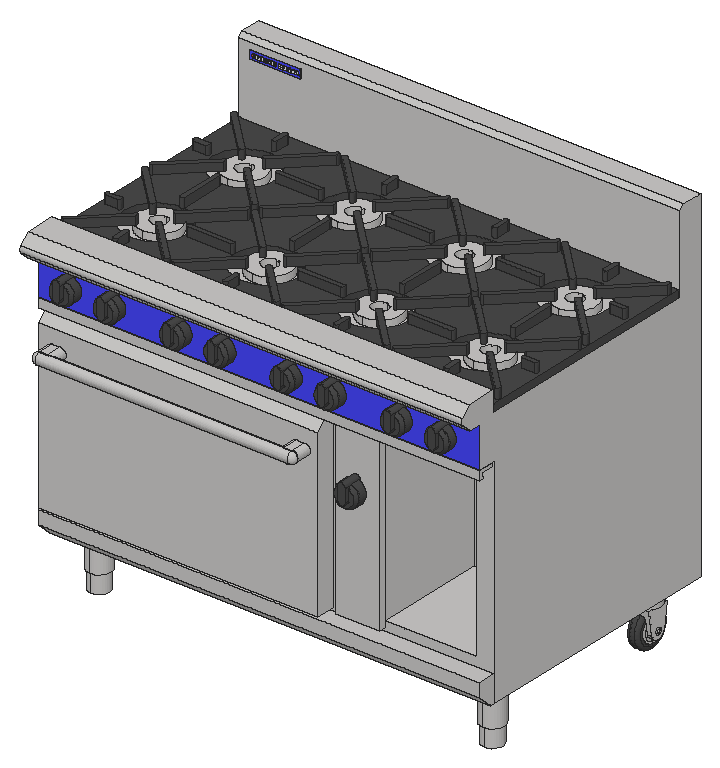
Revit family "QF_MOFFAT_BLUESEAL_CE_G508D", category Specialty Equipment, Revit 2012
Parameters
  Width = 1200 mm
  Weight in Pounds = 568
  URL Cutsheet = "www.moffat.com"
  URL = "www.moffat.com"
  Type Mark [instance] = ""
  Status [instance] = ""
  Specification by User [instance] = ""
  Specification by Manufacturer = ""
  Show Logo [instance] = yes
  Show Clearance [instance] = yes
  Show Casters [instance] = yes
  Serial Number = ""
  Seismic Rating = ""
  SMACNA No = ""
  Revision Code [instance] = ""
  Omniclass Number and Title = ""
  NAFEM Spec ID Number = ""
  Model = "G508D"
  Mechanical Remarks = ""
  Mechanical Connection Type [instance] = ""
  Masterspec = ""
  Manufacturer = "MOFFAT BLUESEAL"
  Legs [instance] = not(Show Casters)  # no
  Item Number [instance] = ""
  Installed By [instance] = ""
  Identify Quantity as Lot [instance] = yes
  Height = 970 mm
  Gas Size = 3/4"
  Gas RI Height [instance] = 0 mm
  Gas KW [instance] = 65
  Gas Input [instance] = 222500.0 Btu/h
  Gas Connection Height = 0 mm
  Furnished By [instance] = ""
  Foodservice Equipment Identifier [instance] = yes
  Description = "1200MM GAS RANGE WITH STATIC OVEN"
  Depth = 812 mm
  CSI MasterFormat = ""
  CSI Master Format = ""
  Body Finish = QF_Finishes_Stainless Steel
Reference planes
  plane 1 "BACK": y = 0
  plane 2: z = 0
  plane 3 "LEFT": x = 0
  plane 4 "RIGHT": x = 1200
  plane 5 "FRONT": y = -812
  plane 6 "TOP": z = 970
  plane 7 "Center Y": x = 600
  plane 8 "Center X": y = -406
  plane 9: x = 280
  plane 10: y = -574.272
  plane 11: x = 60
  plane 12: y = -304.972
  plane 13: y = -364.972
  plane 14: x = 74
  plane 15: y = -812
  plane 16: x = 1134.5
  plane 17: y = -32
  plane 18: z = 655
  plane 19: x = 65.5
  plane 20: x = 65.8
  plane 21: z = 1085
  plane 22: y = -705
  plane 23: y = -100
Forms (mm)
  Extrusion 1, solid, material "QF_Finishes_Stainless Steel" <- "Body Finish"
    sketch origin (0, 0, 0) x (0, 1, 0) y (0, 0, 1)
      loop
        line (0, 150) -> (0, 1085) -> (-57.5, 1085) -> (-70, 1072.5) -> (-70, 861.8) -> (-705, 861.8) -> (-705, 915) -> (-783.97, 915) -> (-808.49, 890.48)
        arc (-808.49, 890.48) -> (-812.002, 882) -> (-808.49, 873.52) r 11.993
        line (-808.49, 873.52) -> (-784.97, 850) -> (-749, 850) -> (-749, 740) -> (-699, 740) -> (-699, 150) -> (0, 150)
      loop
        line (-749, 222.5) -> (-749, 186) -> (-713, 150) -> (-703.2, 150) -> (-703.2, 222.5) -> (-749, 222.5)
      loop
        line (-749, 713.781) -> (-740.224, 713.781) -> (-742.613, 730.781) -> (-707.93, 730.781) -> (-707.93, 737.784) -> (-749, 737.784) -> (-749, 713.781)
    from 0 to 1200
  Extrusion 2, solid, material "QF_Finishes_Stainless Steel"
    sketch origin (0, 7, 0) x (0, 1, 0) y (0, 0, 1)
      loop
        line (-706, 700) -> (-732, 700) -> (-756, 676) -> (-756, 227.5) -> (-706, 227.5) -> (-706, 700)
    from 0 to 760
  Extrusion 3, solid, material "QF_Finishes_Stainless Steel"
    sketch origin (723.5, 7, 0) x (0, 1, 0) y (0, 0, 1)
      loop
        line (-706, 700) -> (-721, 700) -> (-721, 227.5) -> (-706, 227.5) -> (-706, 700)
    from 56.898 to 176.5
  Revolve 4, solid, material "QF_Finishes_Stainless Steel" <- "Body Finish"
    sketch origin (1134.5, -696.126, 0) x (0, 1, 0) y (0, 0, -1)
      loop
        line (39.376, -150) -> (71.126, -150) -> (71.126, 0) -> (43.626, 0) -> (43.626, -50) -> (39.376, -50) -> (39.376, -150)
      axis (71.126, -150) -> (71.126, 0)
    angle from 0 to 360
  Revolve 5, solid, material "QF_Finishes_Stainless Steel" <- "Body Finish"
    sketch origin (65.5, -696.126, 0) x (0, 1, 0) y (0, 0, 1)
      loop
        line (39.376, 150) -> (39.376, 50) -> (43.626, 50) -> (43.626, 0) -> (71.126, 0) -> (71.126, 150) -> (39.376, 150)
      axis (71.126, 150) -> (71.126, 0)
    angle from 0 to 360
  Extrusion 6, solid, material "QF_Finishes_Stainless Steel"
    sketch origin (-64.5, 0, 325) x (1, 0, 0) y (0, 1, 0)
      loop
        circle (1134.5, -32) r 10
    from 330 to 374.856
  Extrusion 7, void
    sketch origin (0, -699, 150) x (0, 0, -1) y (-1, 0, 0)
      loop
        line (-529.781, -900) -> (-529.781, -1150) -> (-96, -1150) -> (-96, -900) -> (-529.781, -900)
    from 0 to 304.8
  Extrusion 8, solid, material "QF_Finishes_Black"
    sketch origin (0, -70, 861.8) x (0, -1, 0) y (1, 0, 0)
      loop
        arc (1, 4) -> (1.879, 1.879) -> (4, 1) r 3
        line (4, 1) -> (632, 1)
        arc (632, 1) -> (634.121, 1.879) -> (635, 4) r 3
        line (635, 4) -> (635, 1197)
        arc (635, 1197) -> (634.121, 1199.121) -> (632, 1200) r 3
        line (632, 1200) -> (4, 1200)
        arc (4, 1200) -> (1.879, 1199.121) -> (1, 1197) r 3
        line (1, 1197) -> (1, 4)
      loop
        circle (167.5, 150) r 85
      loop
        circle (167.5, 450) r 85
      loop
        circle (467.768, 150) r 85
      loop
        circle (467.768, 450) r 85
      loop
        circle (167.5, 750) r 85
      loop
        circle (467.768, 750) r 85
      loop
        circle (167.5, 1050) r 85
      loop
        circle (467.768, 1050) r 85
    from 0 to 19.5
  Extrusion 9, solid, material "QF_Finishes_Black"
    sketch origin (0, -70, 881.3) x (0, -1, 0) y (1, 0, 0)
      loop
        spline (327.102, 15.153) -> (326.181, 13.924) -> (325.631, 12.47) -> (325.49, 10.89) -> (325.767, 9.292) -> (326.443, 7.786) -> (327.473, 6.473) -> (328.786, 5.443) -> (330.292, 4.767) -> (331.89, 4.49) -> (333.47, 4.631) -> (334.924, 5.181) -> (336.153, 6.102)
        line (336.153, 6.102) -> (444.076, 114.025)
        spline (444.076, 114.025) -> (444.837, 115.095) -> (445.238, 116.399) -> (445.251, 117.851) -> (444.875, 119.35) -> (444.137, 120.795) -> (443.086, 122.086) -> (441.795, 123.137) -> (440.35, 123.875) -> (438.851, 124.251) -> (437.399, 124.238) -> (436.095, 123.837) -> (435.025, 123.076)
        line (435.025, 123.076) -> (327.102, 15.153)
      loop
        line (611.398, 15.153) -> (503.475, 123.076)
        spline (503.475, 123.076) -> (502.405, 123.837) -> (501.101, 124.238) -> (499.649, 124.251) -> (498.15, 123.875) -> (496.705, 123.137) -> (495.414, 122.086) -> (494.363, 120.795) -> (493.625, 119.35) -> (493.249, 117.851) -> (493.262, 116.399) -> (493.663, 115.095) -> (494.424, 114.025)
        line (494.424, 114.025) -> (602.347, 6.102)
        spline (602.347, 6.102) -> (603.416, 5.341) -> (604.721, 4.941) -> (606.172, 4.928) -> (607.671, 5.303) -> (609.116, 6.041) -> (610.408, 7.092) -> (611.459, 8.384) -> (612.197, 9.829) -> (612.572, 11.328) -> (612.559, 12.779) -> (612.159, 14.084) -> (611.398, 15.153)
      loop
        spline (379.102, 143.6) -> (380.396, 143.818) -> (381.602, 144.457) -> (382.638, 145.475) -> (383.432, 146.8) -> (383.932, 148.344) -> (384.102, 150) -> (383.932, 151.656) -> (383.432, 153.2) -> (382.638, 154.525) -> (381.602, 155.543) -> (380.396, 156.182) -> (379.102, 156.4)
        line (379.102, 156.4) -> (259.398, 156.4)
        spline (259.398, 156.4) -> (258.104, 156.182) -> (256.898, 155.543) -> (255.862, 154.525) -> (255.068, 153.2) -> (254.568, 151.656) -> (254.398, 150) -> (254.568, 148.344) -> (255.068, 146.8) -> (255.862, 145.475) -> (256.898, 144.457) -> (258.104, 143.818) -> (259.398, 143.6)
        line (259.398, 143.6) -> (379.102, 143.6)
      loop
        spline (23.602, 15.153) -> (22.681, 13.924) -> (22.131, 12.47) -> (21.99, 10.89) -> (22.267, 9.292) -> (22.943, 7.786) -> (23.973, 6.473) -> (25.286, 5.443) -> (26.792, 4.767) -> (28.39, 4.49) -> (29.97, 4.631) -> (31.424, 5.181) -> (32.653, 6.102)
        line (32.653, 6.102) -> (140.576, 114.025)
        spline (140.576, 114.025) -> (141.337, 115.095) -> (141.738, 116.399) -> (141.751, 117.851) -> (141.375, 119.35) -> (140.637, 120.795) -> (139.586, 122.086) -> (138.295, 123.137) -> (136.85, 123.875) -> (135.351, 124.251) -> (133.899, 124.238) -> (132.595, 123.837) -> (131.525, 123.076)
        line (131.525, 123.076) -> (23.602, 15.153)
      loop
        line (311.398, 15.153) -> (203.475, 123.076)
        spline (203.475, 123.076) -> (202.405, 123.837) -> (201.101, 124.238) -> (199.649, 124.251) -> (198.15, 123.875) -> (196.705, 123.137) -> (195.414, 122.086) -> (194.363, 120.795) -> (193.625, 119.35) -> (193.249, 117.851) -> (193.262, 116.399) -> (193.663, 115.095) -> (194.424, 114.025)
        line (194.424, 114.025) -> (302.347, 6.102)
        spline (302.347, 6.102) -> (303.416, 5.341) -> (304.721, 4.941) -> (306.172, 4.928) -> (307.671, 5.303) -> (309.116, 6.041) -> (310.408, 7.092) -> (311.459, 8.384) -> (312.197, 9.829) -> (312.572, 11.328) -> (312.559, 12.779) -> (312.159, 14.084) -> (311.398, 15.153)
      loop
        line (327.102, 284.847) -> (435.025, 176.924)
        spline (435.025, 176.924) -> (436.095, 176.163) -> (437.399, 175.762) -> (438.851, 175.749) -> (440.35, 176.125) -> (441.795, 176.863) -> (443.086, 177.914) -> (444.137, 179.205) -> (444.875, 180.65) -> (445.251, 182.149) -> (445.238, 183.601) -> (444.837, 184.905) -> (444.076, 185.975)
        line (444.076, 185.975) -> (336.153, 293.898)
        spline (336.153, 293.898) -> (334.924, 294.819) -> (333.47, 295.369) -> (331.89, 295.51) -> (330.292, 295.233) -> (328.786, 294.557) -> (327.473, 293.527) -> (326.443, 292.214) -> (325.767, 290.708) -> (325.49, 289.11) -> (325.631, 287.53) -> (326.181, 286.076) -> (327.102, 284.847)
      loop
        spline (611.398, 284.847) -> (612.159, 285.916) -> (612.559, 287.221) -> (612.572, 288.672) -> (612.197, 290.171) -> (611.459, 291.616) -> (610.408, 292.908) -> (609.116, 293.959) -> (607.671, 294.697) -> (606.172, 295.072) -> (604.721, 295.059) -> (603.416, 294.659) -> (602.347, 293.898)
        line (602.347, 293.898) -> (494.424, 185.975)
        spline (494.424, 185.975) -> (493.663, 184.905) -> (493.262, 183.601) -> (493.249, 182.149) -> (493.625, 180.65) -> (494.363, 179.205) -> (495.414, 177.914) -> (496.705, 176.863) -> (498.15, 176.125) -> (499.649, 175.749) -> (501.101, 175.762) -> (502.405, 176.163) -> (503.475, 176.924)
        line (503.475, 176.924) -> (611.398, 284.847)
      loop
        spline (461.1, 241.898) -> (461.318, 240.604) -> (461.957, 239.398) -> (462.975, 238.362) -> (464.3, 237.568) -> (465.844, 237.068) -> (467.5, 236.898) -> (469.156, 237.068) -> (470.7, 237.568) -> (472.025, 238.362) -> (473.043, 239.398) -> (473.682, 240.604) -> (473.9, 241.898)
        line (473.9, 241.898) -> (473.9, 358.102)
        spline (473.9, 358.102) -> (473.682, 359.396) -> (473.043, 360.602) -> (472.025, 361.638) -> (470.7, 362.432) -> (469.156, 362.932) -> (467.5, 363.102) -> (465.844, 362.932) -> (464.3, 362.432) -> (462.975, 361.638) -> (461.957, 360.602) -> (461.318, 359.396) -> (461.1, 358.102)
        line (461.1, 358.102) -> (461.1, 241.898)
      loop
        line (23.602, 284.847) -> (131.525, 176.924)
        spline (131.525, 176.924) -> (132.595, 176.163) -> (133.899, 175.762) -> (135.351, 175.749) -> (136.85, 176.125) -> (138.295, 176.863) -> (139.586, 177.914) -> (140.637, 179.205) -> (141.375, 180.65) -> (141.751, 182.149) -> (141.738, 183.601) -> (141.337, 184.905) -> (140.576, 185.975)
        line (140.576, 185.975) -> (32.653, 293.898)
        spline (32.653, 293.898) -> (31.424, 294.819) -> (29.97, 295.369) -> (28.39, 295.51) -> (26.792, 295.233) -> (25.286, 294.557) -> (23.973, 293.527) -> (22.943, 292.214) -> (22.267, 290.708) -> (21.99, 289.11) -> (22.131, 287.53) -> (22.681, 286.076) -> (23.602, 284.847)
      loop
        spline (311.398, 284.847) -> (312.159, 285.916) -> (312.559, 287.221) -> (312.572, 288.672) -> (312.197, 290.171) -> (311.459, 291.616) -> (310.408, 292.908) -> (309.116, 293.959) -> (307.671, 294.697) -> (306.172, 295.072) -> (304.721, 295.059) -> (303.416, 294.659) -> (302.347, 293.898)
        line (302.347, 293.898) -> (194.424, 185.975)
        spline (194.424, 185.975) -> (193.663, 184.905) -> (193.262, 183.601) -> (193.249, 182.149) -> (193.625, 180.65) -> (194.363, 179.205) -> (195.414, 177.914) -> (196.705, 176.863) -> (198.15, 176.125) -> (199.649, 175.749) -> (201.101, 175.762) -> (202.405, 176.163) -> (203.475, 176.924)
        line (203.475, 176.924) -> (311.398, 284.847)
      loop
        spline (161.1, 241.898) -> (161.318, 240.604) -> (161.957, 239.398) -> (162.975, 238.362) -> (164.3, 237.568) -> (165.844, 237.068) -> (167.5, 236.898) -> (169.156, 237.068) -> (170.7, 237.568) -> (172.025, 238.362) -> (173.043, 239.398) -> (173.682, 240.604) -> (173.9, 241.898)
        line (173.9, 241.898) -> (173.9, 358.102)
        spline (173.9, 358.102) -> (173.682, 359.396) -> (173.043, 360.602) -> (172.025, 361.638) -> (170.7, 362.432) -> (169.156, 362.932) -> (167.5, 363.102) -> (165.844, 362.932) -> (164.3, 362.432) -> (162.975, 361.638) -> (161.957, 360.602) -> (161.318, 359.396) -> (161.1, 358.102)
        line (161.1, 358.102) -> (161.1, 241.898)
      loop
        line (379.102, 456.4) -> (259.398, 456.4)
        spline (259.398, 456.4) -> (258.104, 456.182) -> (256.898, 455.543) -> (255.862, 454.525) -> (255.068, 453.2) -> (254.568, 451.656) -> (254.398, 450) -> (254.568, 448.344) -> (255.068, 446.8) -> (255.862, 445.475) -> (256.898, 444.457) -> (258.104, 443.818) -> (259.398, 443.6)
        line (259.398, 443.6) -> (379.102, 443.6)
        spline (379.102, 443.6) -> (380.396, 443.818) -> (381.602, 444.457) -> (382.638, 445.475) -> (383.432, 446.8) -> (383.932, 448.344) -> (384.102, 450) -> (383.932, 451.656) -> (383.432, 453.2) -> (382.638, 454.525) -> (381.602, 455.543) -> (380.396, 456.182) -> (379.102, 456.4)
      loop
        spline (327.102, 315.153) -> (326.181, 313.924) -> (325.631, 312.47) -> (325.49, 310.89) -> (325.767, 309.292) -> (326.443, 307.786) -> (327.473, 306.473) -> (328.786, 305.443) -> (330.292, 304.767) -> (331.89, 304.49) -> (333.47, 304.631) -> (334.924, 305.181) -> (336.153, 306.102)
        line (336.153, 306.102) -> (444.076, 414.025)
        spline (444.076, 414.025) -> (444.837, 415.095) -> (445.238, 416.399) -> (445.251, 417.851) -> (444.875, 419.35) -> (444.137, 420.795) -> (443.086, 422.086) -> (441.795, 423.137) -> (440.35, 423.875) -> (438.851, 424.251) -> (437.399, 424.238) -> (436.095, 423.837) -> (435.025, 423.076)
        line (435.025, 423.076) -> (327.102, 315.153)
      loop
        line (611.398, 315.153) -> (503.475, 423.076)
        spline (503.475, 423.076) -> (502.405, 423.837) -> (501.101, 424.238) -> (499.649, 424.251) -> (498.15, 423.875) -> (496.705, 423.137) -> (495.414, 422.086) -> (494.363, 420.795) -> (493.625, 419.35) -> (493.249, 417.851) -> (493.262, 416.399) -> (493.663, 415.095) -> (494.424, 414.025)
        line (494.424, 414.025) -> (602.347, 306.102)
        spline (602.347, 306.102) -> (603.416, 305.341) -> (604.721, 304.941) -> (606.172, 304.928) -> (607.671, 305.303) -> (609.116, 306.041) -> (610.408, 307.092) -> (611.459, 308.384) -> (612.197, 309.829) -> (612.572, 311.328) -> (612.559, 312.779) -> (612.159, 314.084) -> (611.398, 315.153)
      loop
        spline (23.602, 315.153) -> (22.681, 313.924) -> (22.131, 312.47) -> (21.99, 310.89) -> (22.267, 309.292) -> (22.943, 307.786) -> (23.973, 306.473) -> (25.286, 305.443) -> (26.792, 304.767) -> (28.39, 304.49) -> (29.97, 304.631) -> (31.424, 305.181) -> (32.653, 306.102)
        line (32.653, 306.102) -> (140.576, 414.025)
        spline (140.576, 414.025) -> (141.337, 415.095) -> (141.738, 416.399) -> (141.751, 417.851) -> (141.375, 419.35) -> (140.637, 420.795) -> (139.586, 422.086) -> (138.295, 423.137) -> (136.85, 423.875) -> (135.351, 424.251) -> (133.899, 424.238) -> (132.595, 423.837) -> (131.525, 423.076)
        line (131.525, 423.076) -> (23.602, 315.153)
      loop
        line (311.398, 315.153) -> (203.475, 423.076)
        spline (203.475, 423.076) -> (202.405, 423.837) -> (201.101, 424.238) -> (199.649, 424.251) -> (198.15, 423.875) -> (196.705, 423.137) -> (195.414, 422.086) -> (194.363, 420.795) -> (193.625, 419.35) -> (193.249, 417.851) -> (193.262, 416.399) -> (193.663, 415.095) -> (194.424, 414.025)
        line (194.424, 414.025) -> (302.347, 306.102)
        spline (302.347, 306.102) -> (303.416, 305.341) -> (304.721, 304.941) -> (306.172, 304.928) -> (307.671, 305.303) -> (309.116, 306.041) -> (310.408, 307.092) -> (311.459, 308.384) -> (312.197, 309.829) -> (312.572, 311.328) -> (312.559, 312.779) -> (312.159, 314.084) -> (311.398, 315.153)
      loop
        line (327.102, 584.847) -> (435.025, 476.924)
        spline (435.025, 476.924) -> (436.095, 476.163) -> (437.399, 475.762) -> (438.851, 475.749) -> (440.35, 476.125) -> (441.795, 476.863) -> (443.086, 477.914) -> (444.137, 479.205) -> (444.875, 480.65) -> (445.251, 482.149) -> (445.238, 483.601) -> (444.837, 484.905) -> (444.076, 485.975)
        line (444.076, 485.975) -> (336.153, 593.898)
        spline (336.153, 593.898) -> (334.924, 594.819) -> (333.47, 595.369) -> (331.89, 595.51) -> (330.292, 595.233) -> (328.786, 594.557) -> (327.473, 593.527) -> (326.443, 592.214) -> (325.767, 590.708) -> (325.49, 589.11) -> (325.631, 587.53) -> (326.181, 586.076) -> (327.102, 584.847)
      loop
        spline (611.398, 584.847) -> (612.159, 585.916) -> (612.559, 587.221) -> (612.572, 588.672) -> (612.197, 590.171) -> (611.459, 591.616) -> (610.408, 592.908) -> (609.116, 593.959) -> (607.671, 594.697) -> (606.172, 595.072) -> (604.721, 595.059) -> (603.416, 594.659) -> (602.347, 593.898)
        line (602.347, 593.898) -> (494.424, 485.975)
        spline (494.424, 485.975) -> (493.663, 484.905) -> (493.262, 483.601) -> (493.249, 482.149) -> (493.625, 480.65) -> (494.363, 479.205) -> (495.414, 477.914) -> (496.705, 476.863) -> (498.15, 476.125) -> (499.649, 475.749) -> (501.101, 475.762) -> (502.405, 476.163) -> (503.475, 476.924)
        line (503.475, 476.924) -> (611.398, 584.847)
      loop
        line (23.602, 584.847) -> (131.525, 476.924)
        spline (131.525, 476.924) -> (132.595, 476.163) -> (133.899, 475.762) -> (135.351, 475.749) -> (136.85, 476.125) -> (138.295, 476.863) -> (139.586, 477.914) -> (140.637, 479.205) -> (141.375, 480.65) -> (141.751, 482.149) -> (141.738, 483.601) -> (141.337, 484.905) -> (140.576, 485.975)
        line (140.576, 485.975) -> (32.653, 593.898)
        spline (32.653, 593.898) -> (31.424, 594.819) -> (29.97, 595.369) -> (28.39, 595.51) -> (26.792, 595.233) -> (25.286, 594.557) -> (23.973, 593.527) -> (22.943, 592.214) -> (22.267, 590.708) -> (21.99, 589.11) -> (22.131, 587.53) -> (22.681, 586.076) -> (23.602, 584.847)
      loop
        spline (311.398, 584.847) -> (312.159, 585.916) -> (312.559, 587.221) -> (312.572, 588.672) -> (312.197, 590.171) -> (311.459, 591.616) -> (310.408, 592.908) -> (309.116, 593.959) -> (307.671, 594.697) -> (306.172, 595.072) -> (304.721, 595.059) -> (303.416, 594.659) -> (302.347, 593.898)
        line (302.347, 593.898) -> (194.424, 485.975)
        spline (194.424, 485.975) -> (193.663, 484.905) -> (193.262, 483.601) -> (193.249, 482.149) -> (193.625, 480.65) -> (194.363, 479.205) -> (195.414, 477.914) -> (196.705, 476.863) -> (198.15, 476.125) -> (199.649, 475.749) -> (201.101, 475.762) -> (202.405, 476.163) -> (203.475, 476.924)
        line (203.475, 476.924) -> (311.398, 584.847)
      loop
        spline (461.1, 541.898) -> (461.318, 540.604) -> (461.957, 539.398) -> (462.975, 538.362) -> (464.3, 537.568) -> (465.844, 537.068) -> (467.5, 536.898) -> (469.156, 537.068) -> (470.7, 537.568) -> (472.025, 538.362) -> (473.043, 539.398) -> (473.682, 540.604) -> (473.9, 541.898)
        line (473.9, 541.898) -> (473.9, 658.102)
        spline (473.9, 658.102) -> (473.682, 659.396) -> (473.043, 660.602) -> (472.025, 661.638) -> (470.7, 662.432) -> (469.156, 662.932) -> (467.5, 663.102) -> (465.844, 662.932) -> (464.3, 662.432) -> (462.975, 661.638) -> (461.957, 660.602) -> (461.318, 659.396) -> (461.1, 658.102)
        line (461.1, 658.102) -> (461.1, 541.898)
      loop
        spline (161.1, 541.898) -> (161.318, 540.604) -> (161.957, 539.398) -> (162.975, 538.362) -> (164.3, 537.568) -> (165.844, 537.068) -> (167.5, 536.898) -> (169.156, 537.068) -> (170.7, 537.568) -> (172.025, 538.362) -> (173.043, 539.398) -> (173.682, 540.604) -> (173.9, 541.898)
        line (173.9, 541.898) -> (173.9, 658.102)
        spline (173.9, 658.102) -> (173.682, 659.396) -> (173.043, 660.602) -> (172.025, 661.638) -> (170.7, 662.432) -> (169.156, 662.932) -> (167.5, 663.102) -> (165.844, 662.932) -> (164.3, 662.432) -> (162.975, 661.638) -> (161.957, 660.602) -> (161.318, 659.396) -> (161.1, 658.102)
        line (161.1, 658.102) -> (161.1, 541.898)
      loop
        line (379.102, 756.4) -> (259.398, 756.4)
        spline (259.398, 756.4) -> (258.104, 756.182) -> (256.898, 755.543) -> (255.862, 754.525) -> (255.068, 753.2) -> (254.568, 751.656) -> (254.398, 750) -> (254.568, 748.344) -> (255.068, 746.8) -> (255.862, 745.475) -> (256.898, 744.457) -> (258.104, 743.818) -> (259.398, 743.6)
        line (259.398, 743.6) -> (379.102, 743.6)
        spline (379.102, 743.6) -> (380.396, 743.818) -> (381.602, 744.457) -> (382.638, 745.475) -> (383.432, 746.8) -> (383.932, 748.344) -> (384.102, 750) -> (383.932, 751.656) -> (383.432, 753.2) -> (382.638, 754.525) -> (381.602, 755.543) -> (380.396, 756.182) -> (379.102, 756.4)
      loop
        spline (327.102, 615.153) -> (326.181, 613.924) -> (325.631, 612.47) -> (325.49, 610.89) -> (325.767, 609.292) -> (326.443, 607.786) -> (327.473, 606.473) -> (328.786, 605.443) -> (330.292, 604.767) -> (331.89, 604.49) -> (333.47, 604.631) -> (334.924, 605.181) -> (336.153, 606.102)
        line (336.153, 606.102) -> (444.076, 714.025)
        spline (444.076, 714.025) -> (444.837, 715.095) -> (445.238, 716.399) -> (445.251, 717.851) -> (444.875, 719.35) -> (444.137, 720.795) -> (443.086, 722.086) -> (441.795, 723.137) -> (440.35, 723.875) -> (438.851, 724.251) -> (437.399, 724.238) -> (436.095, 723.837) -> (435.025, 723.076)
        line (435.025, 723.076) -> (327.102, 615.153)
      loop
        line (611.398, 615.153) -> (503.475, 723.076)
        spline (503.475, 723.076) -> (502.405, 723.837) -> (501.101, 724.238) -> (499.649, 724.251) -> (498.15, 723.875) -> (496.705, 723.137) -> (495.414, 722.086) -> (494.363, 720.795) -> (493.625, 719.35) -> (493.249, 717.851) -> (493.262, 716.399) -> (493.663, 715.095) -> (494.424, 714.025)
        line (494.424, 714.025) -> (602.347, 606.102)
        spline (602.347, 606.102) -> (603.416, 605.341) -> (604.721, 604.941) -> (606.172, 604.928) -> (607.671, 605.303) -> (609.116, 606.041) -> (610.408, 607.092) -> (611.459, 608.384) -> (612.197, 609.829) -> (612.572, 611.328) -> (612.559, 612.779) -> (612.159, 614.084) -> (611.398, 615.153)
      loop
        spline (23.602, 615.153) -> (22.681, 613.924) -> (22.131, 612.47) -> (21.99, 610.89) -> (22.267, 609.292) -> (22.943, 607.786) -> (23.973, 606.473) -> (25.286, 605.443) -> (26.792, 604.767) -> (28.39, 604.49) -> (29.97, 604.631) -> (31.424, 605.181) -> (32.653, 606.102)
        line (32.653, 606.102) -> (140.576, 714.025)
        spline (140.576, 714.025) -> (141.337, 715.095) -> (141.738, 716.399) -> (141.751, 717.851) -> (141.375, 719.35) -> (140.637, 720.795) -> (139.586, 722.086) -> (138.295, 723.137) -> (136.85, 723.875) -> (135.351, 724.251) -> (133.899, 724.238) -> (132.595, 723.837) -> (131.525, 723.076)
        line (131.525, 723.076) -> (23.602, 615.153)
      loop
        line (311.398, 615.153) -> (203.475, 723.076)
        spline (203.475, 723.076) -> (202.405, 723.837) -> (201.101, 724.238) -> (199.649, 724.251) -> (198.15, 723.875) -> (196.705, 723.137) -> (195.414, 722.086) -> (194.363, 720.795) -> (193.625, 719.35) -> (193.249, 717.851) -> (193.262, 716.399) -> (193.663, 715.095) -> (194.424, 714.025)
        line (194.424, 714.025) -> (302.347, 606.102)
        spline (302.347, 606.102) -> (303.416, 605.341) -> (304.721, 604.941) -> (306.172, 604.928) -> (307.671, 605.303) -> (309.116, 606.041) -> (310.408, 607.092) -> (311.459, 608.384) -> (312.197, 609.829) -> (312.572, 611.328) -> (312.559, 612.779) -> (312.159, 614.084) -> (311.398, 615.153)
      loop
        line (327.102, 884.847) -> (435.025, 776.924)
        spline (435.025, 776.924) -> (436.095, 776.163) -> (437.399, 775.762) -> (438.851, 775.749) -> (440.35, 776.125) -> (441.795, 776.863) -> (443.086, 777.914) -> (444.137, 779.205) -> (444.875, 780.65) -> (445.251, 782.149) -> (445.238, 783.601) -> (444.837, 784.905) -> (444.076, 785.975)
        line (444.076, 785.975) -> (336.153, 893.898)
        spline (336.153, 893.898) -> (334.924, 894.819) -> (333.47, 895.369) -> (331.89, 895.51) -> (330.292, 895.233) -> (328.786, 894.557) -> (327.473, 893.527) -> (326.443, 892.214) -> (325.767, 890.708) -> (325.49, 889.11) -> (325.631, 887.53) -> (326.181, 886.076) -> (327.102, 884.847)
      loop
        spline (611.398, 884.847) -> (612.159, 885.916) -> (612.559, 887.221) -> (612.572, 888.672) -> (612.197, 890.171) -> (611.459, 891.616) -> (610.408, 892.908) -> (609.116, 893.959) -> (607.671, 894.697) -> (606.172, 895.072) -> (604.721, 895.059) -> (603.416, 894.659) -> (602.347, 893.898)
        line (602.347, 893.898) -> (494.424, 785.975)
        spline (494.424, 785.975) -> (493.663, 784.905) -> (493.262, 783.601) -> (493.249, 782.149) -> (493.625, 780.65) -> (494.363, 779.205) -> (495.414, 777.914) -> (496.705, 776.863) -> (498.15, 776.125) -> (499.649, 775.749) -> (501.101, 775.762) -> (502.405, 776.163) -> (503.475, 776.924)
        line (503.475, 776.924) -> (611.398, 884.847)
      loop
        line (23.602, 884.847) -> (131.525, 776.924)
        spline (131.525, 776.924) -> (132.595, 776.163) -> (133.899, 775.762) -> (135.351, 775.749) -> (136.85, 776.125) -> (138.295, 776.863) -> (139.586, 777.914) -> (140.637, 779.205) -> (141.375, 780.65) -> (141.751, 782.149) -> (141.738, 783.601) -> (141.337, 784.905) -> (140.576, 785.975)
        line (140.576, 785.975) -> (32.653, 893.898)
        spline (32.653, 893.898) -> (31.424, 894.819) -> (29.97, 895.369) -> (28.39, 895.51) -> (26.792, 895.233) -> (25.286, 894.557) -> (23.973, 893.527) -> (22.943, 892.214) -> (22.267, 890.708) -> (21.99, 889.11) -> (22.131, 887.53) -> (22.681, 886.076) -> (23.602, 884.847)
      loop
        spline (311.398, 884.847) -> (312.159, 885.916) -> (312.559, 887.221) -> (312.572, 888.672) -> (312.197, 890.171) -> (311.459, 891.616) -> (310.408, 892.908) -> (309.116, 893.959) -> (307.671, 894.697) -> (306.172, 895.072) -> (304.721, 895.059) -> (303.416, 894.659) -> (302.347, 893.898)
        line (302.347, 893.898) -> (194.424, 785.975)
        spline (194.424, 785.975) -> (193.663, 784.905) -> (193.262, 783.601) -> (193.249, 782.149) -> (193.625, 780.65) -> (194.363, 779.205) -> (195.414, 777.914) -> (196.705, 776.863) -> (198.15, 776.125) -> (199.649, 775.749) -> (201.101, 775.762) -> (202.405, 776.163) -> (203.475, 776.924)
        line (203.475, 776.924) -> (311.398, 884.847)
      loop
        line (327.102, 1184.847) -> (435.025, 1076.924)
        spline (435.025, 1076.924) -> (436.095, 1076.163) -> (437.399, 1075.762) -> (438.851, 1075.749) -> (440.35, 1076.125) -> (441.795, 1076.863) -> (443.086, 1077.914) -> (444.137, 1079.205) -> (444.875, 1080.65) -> (445.251, 1082.149) -> (445.238, 1083.601) -> (444.837, 1084.905) -> (444.076, 1085.975)
        line (444.076, 1085.975) -> (336.153, 1193.898)
        spline (336.153, 1193.898) -> (334.924, 1194.819) -> (333.47, 1195.369) -> (331.89, 1195.51) -> (330.292, 1195.233) -> (328.786, 1194.557) -> (327.473, 1193.527) -> (326.443, 1192.214) -> (325.767, 1190.708) -> (325.49, 1189.11) -> (325.631, 1187.53) -> (326.181, 1186.076) -> (327.102, 1184.847)
      loop
        spline (611.398, 1184.847) -> (612.159, 1185.916) -> (612.559, 1187.221) -> (612.572, 1188.672) -> (612.197, 1190.171) -> (611.459, 1191.616) -> (610.408, 1192.908) -> (609.116, 1193.959) -> (607.671, 1194.697) -> (606.172, 1195.072) -> (604.721, 1195.059) -> (603.416, 1194.659) -> (602.347, 1193.898)
        line (602.347, 1193.898) -> (494.424, 1085.975)
        spline (494.424, 1085.975) -> (493.663, 1084.905) -> (493.262, 1083.601) -> (493.249, 1082.149) -> (493.625, 1080.65) -> (494.363, 1079.205) -> (495.414, 1077.914) -> (496.705, 1076.863) -> (498.15, 1076.125) -> (499.649, 1075.749) -> (501.101, 1075.762) -> (502.405, 1076.163) -> (503.475, 1076.924)
        line (503.475, 1076.924) -> (611.398, 1184.847)
      loop
        line (379.102, 1056.4) -> (259.398, 1056.4)
        spline (259.398, 1056.4) -> (258.104, 1056.182) -> (256.898, 1055.543) -> (255.862, 1054.525) -> (255.068, 1053.2) -> (254.568, 1051.656) -> (254.398, 1050) -> (254.568, 1048.344) -> (255.068, 1046.8) -> (255.862, 1045.475) -> (256.898, 1044.457) -> (258.104, 1043.818) -> (259.398, 1043.6)
        line (259.398, 1043.6) -> (379.102, 1043.6)
        spline (379.102, 1043.6) -> (380.396, 1043.818) -> (381.602, 1044.457) -> (382.638, 1045.475) -> (383.432, 1046.8) -> (383.932, 1048.344) -> (384.102, 1050) -> (383.932, 1051.656) -> (383.432, 1053.2) -> (382.638, 1054.525) -> (381.602, 1055.543) -> (380.396, 1056.182) -> (379.102, 1056.4)
      loop
        line (23.602, 1184.847) -> (131.525, 1076.924)
        spline (131.525, 1076.924) -> (132.595, 1076.163) -> (133.899, 1075.762) -> (135.351, 1075.749) -> (136.85, 1076.125) -> (138.295, 1076.863) -> (139.586, 1077.914) -> (140.637, 1079.205) -> (141.375, 1080.65) -> (141.751, 1082.149) -> (141.738, 1083.601) -> (141.337, 1084.905) -> (140.576, 1085.975)
        line (140.576, 1085.975) -> (32.653, 1193.898)
        spline (32.653, 1193.898) -> (31.424, 1194.819) -> (29.97, 1195.369) -> (28.39, 1195.51) -> (26.792, 1195.233) -> (25.286, 1194.557) -> (23.973, 1193.527) -> (22.943, 1192.214) -> (22.267, 1190.708) -> (21.99, 1189.11) -> (22.131, 1187.53) -> (22.681, 1186.076) -> (23.602, 1184.847)
      loop
        spline (311.398, 1184.847) -> (312.159, 1185.916) -> (312.559, 1187.221) -> (312.572, 1188.672) -> (312.197, 1190.171) -> (311.459, 1191.616) -> (310.408, 1192.908) -> (309.116, 1193.959) -> (307.671, 1194.697) -> (306.172, 1195.072) -> (304.721, 1195.059) -> (303.416, 1194.659) -> (302.347, 1193.898)
        line (302.347, 1193.898) -> (194.424, 1085.975)
        spline (194.424, 1085.975) -> (193.663, 1084.905) -> (193.262, 1083.601) -> (193.249, 1082.149) -> (193.625, 1080.65) -> (194.363, 1079.205) -> (195.414, 1077.914) -> (196.705, 1076.863) -> (198.15, 1076.125) -> (199.649, 1075.749) -> (201.101, 1075.762) -> (202.405, 1076.163) -> (203.475, 1076.924)
        line (203.475, 1076.924) -> (311.398, 1184.847)
      loop
        spline (327.102, 915.153) -> (326.181, 913.924) -> (325.631, 912.47) -> (325.49, 910.89) -> (325.767, 909.292) -> (326.443, 907.786) -> (327.473, 906.473) -> (328.786, 905.443) -> (330.292, 904.767) -> (331.89, 904.49) -> (333.47, 904.631) -> (334.924, 905.181) -> (336.153, 906.102)
        line (336.153, 906.102) -> (444.076, 1014.025)
        spline (444.076, 1014.025) -> (444.837, 1015.095) -> (445.238, 1016.399) -> (445.251, 1017.851) -> (444.875, 1019.35) -> (444.137, 1020.795) -> (443.086, 1022.086) -> (441.795, 1023.137) -> (440.35, 1023.875) -> (438.851, 1024.251) -> (437.399, 1024.238) -> (436.095, 1023.837) -> (435.025, 1023.076)
        line (435.025, 1023.076) -> (327.102, 915.153)
      loop
        line (611.398, 915.153) -> (503.475, 1023.076)
        spline (503.475, 1023.076) -> (502.405, 1023.837) -> (501.101, 1024.238) -> (499.649, 1024.251) -> (498.15, 1023.875) -> (496.705, 1023.137) -> (495.414, 1022.086) -> (494.363, 1020.795) -> (493.625, 1019.35) -> (493.249, 1017.851) -> (493.262, 1016.399) -> (493.663, 1015.095) -> (494.424, 1014.025)
        line (494.424, 1014.025) -> (602.347, 906.102)
        spline (602.347, 906.102) -> (603.416, 905.341) -> (604.721, 904.941) -> (606.172, 904.928) -> (607.671, 905.303) -> (609.116, 906.041) -> (610.408, 907.092) -> (611.459, 908.384) -> (612.197, 909.829) -> (612.572, 911.328) -> (612.559, 912.779) -> (612.159, 914.084) -> (611.398, 915.153)
      loop
        spline (23.602, 915.153) -> (22.681, 913.924) -> (22.131, 912.47) -> (21.99, 910.89) -> (22.267, 909.292) -> (22.943, 907.786) -> (23.973, 906.473) -> (25.286, 905.443) -> (26.792, 904.767) -> (28.39, 904.49) -> (29.97, 904.631) -> (31.424, 905.181) -> (32.653, 906.102)
        line (32.653, 906.102) -> (140.576, 1014.025)
        spline (140.576, 1014.025) -> (141.337, 1015.095) -> (141.738, 1016.399) -> (141.751, 1017.851) -> (141.375, 1019.35) -> (140.637, 1020.795) -> (139.586, 1022.086) -> (138.295, 1023.137) -> (136.85, 1023.875) -> (135.351, 1024.251) -> (133.899, 1024.238) -> (132.595, 1023.837) -> (131.525, 1023.076)
        line (131.525, 1023.076) -> (23.602, 915.153)
      loop
        line (311.398, 915.153) -> (203.475, 1023.076)
        spline (203.475, 1023.076) -> (202.405, 1023.837) -> (201.101, 1024.238) -> (199.649, 1024.251) -> (198.15, 1023.875) -> (196.705, 1023.137) -> (195.414, 1022.086) -> (194.363, 1020.795) -> (193.625, 1019.35) -> (193.249, 1017.851) -> (193.262, 1016.399) -> (193.663, 1015.095) -> (194.424, 1014.025)
        line (194.424, 1014.025) -> (302.347, 906.102)
        spline (302.347, 906.102) -> (303.416, 905.341) -> (304.721, 904.941) -> (306.172, 904.928) -> (307.671, 905.303) -> (309.116, 906.041) -> (310.408, 907.092) -> (311.459, 908.384) -> (312.197, 909.829) -> (312.572, 911.328) -> (312.559, 912.779) -> (312.159, 914.084) -> (311.398, 915.153)
      loop
        line (461.1, 958.102) -> (461.1, 841.898)
        spline (461.1, 841.898) -> (461.318, 840.604) -> (461.957, 839.398) -> (462.975, 838.362) -> (464.3, 837.568) -> (465.844, 837.068) -> (467.5, 836.898) -> (469.156, 837.068) -> (470.7, 837.568) -> (472.025, 838.362) -> (473.043, 839.398) -> (473.682, 840.604) -> (473.9, 841.898)
        line (473.9, 841.898) -> (473.9, 958.102)
        spline (473.9, 958.102) -> (473.682, 959.396) -> (473.043, 960.602) -> (472.025, 961.638) -> (470.7, 962.432) -> (469.156, 962.932) -> (467.5, 963.102) -> (465.844, 962.932) -> (464.3, 962.432) -> (462.975, 961.638) -> (461.957, 960.602) -> (461.318, 959.396) -> (461.1, 958.102)
      loop
        line (161.1, 958.102) -> (161.1, 841.898)
        spline (161.1, 841.898) -> (161.318, 840.604) -> (161.957, 839.398) -> (162.975, 838.362) -> (164.3, 837.568) -> (165.844, 837.068) -> (167.5, 836.898) -> (169.156, 837.068) -> (170.7, 837.568) -> (172.025, 838.362) -> (173.043, 839.398) -> (173.682, 840.604) -> (173.9, 841.898)
        line (173.9, 841.898) -> (173.9, 958.102)
        spline (173.9, 958.102) -> (173.682, 959.396) -> (173.043, 960.602) -> (172.025, 961.638) -> (170.7, 962.432) -> (169.156, 962.932) -> (167.5, 963.102) -> (165.844, 962.932) -> (164.3, 962.432) -> (162.975, 961.638) -> (161.957, 960.602) -> (161.318, 959.396) -> (161.1, 958.102)
      loop
        spline (65.602, 143.6) -> (66.896, 143.818) -> (68.102, 144.457) -> (69.138, 145.475) -> (69.932, 146.8) -> (70.432, 148.344) -> (70.602, 150) -> (70.432, 151.656) -> (69.932, 153.2) -> (69.138, 154.525) -> (68.102, 155.543) -> (66.896, 156.182) -> (65.602, 156.4)
        line (65.602, 156.4) -> (29.398, 156.4)
        spline (29.398, 156.4) -> (28.104, 156.182) -> (26.898, 155.543) -> (25.862, 154.525) -> (25.068, 153.2) -> (24.568, 151.656) -> (24.398, 150) -> (24.568, 148.344) -> (25.068, 146.8) -> (25.862, 145.475) -> (26.898, 144.457) -> (28.104, 143.818) -> (29.398, 143.6)
        line (29.398, 143.6) -> (65.602, 143.6)
      loop
        spline (65.602, 443.6) -> (66.896, 443.818) -> (68.102, 444.457) -> (69.138, 445.475) -> (69.932, 446.8) -> (70.432, 448.344) -> (70.602, 450) -> (70.432, 451.656) -> (69.932, 453.2) -> (69.138, 454.525) -> (68.102, 455.543) -> (66.896, 456.182) -> (65.602, 456.4)
        line (65.602, 456.4) -> (29.398, 456.4)
        spline (29.398, 456.4) -> (28.104, 456.182) -> (26.898, 455.543) -> (25.862, 454.525) -> (25.068, 453.2) -> (24.568, 451.656) -> (24.398, 450) -> (24.568, 448.344) -> (25.068, 446.8) -> (25.862, 445.475) -> (26.898, 444.457) -> (28.104, 443.818) -> (29.398, 443.6)
        line (29.398, 443.6) -> (65.602, 443.6)
      loop
        spline (65.602, 743.6) -> (66.896, 743.818) -> (68.102, 744.457) -> (69.138, 745.475) -> (69.932, 746.8) -> (70.432, 748.344) -> (70.602, 750) -> (70.432, 751.656) -> (69.932, 753.2) -> (69.138, 754.525) -> (68.102, 755.543) -> (66.896, 756.182) -> (65.602, 756.4)
        line (65.602, 756.4) -> (29.398, 756.4)
        spline (29.398, 756.4) -> (28.104, 756.182) -> (26.898, 755.543) -> (25.862, 754.525) -> (25.068, 753.2) -> (24.568, 751.656) -> (24.398, 750) -> (24.568, 748.344) -> (25.068, 746.8) -> (25.862, 745.475) -> (26.898, 744.457) -> (28.104, 743.818) -> (29.398, 743.6)
        line (29.398, 743.6) -> (65.602, 743.6)
      loop
        spline (65.602, 1043.6) -> (66.896, 1043.818) -> (68.102, 1044.457) -> (69.138, 1045.475) -> (69.932, 1046.8) -> (70.432, 1048.344) -> (70.602, 1050) -> (70.432, 1051.656) -> (69.932, 1053.2) -> (69.138, 1054.525) -> (68.102, 1055.543) -> (66.896, 1056.182) -> (65.602, 1056.4)
        line (65.602, 1056.4) -> (29.398, 1056.4)
        spline (29.398, 1056.4) -> (28.104, 1056.182) -> (26.898, 1055.543) -> (25.862, 1054.525) -> (25.068, 1053.2) -> (24.568, 1051.656) -> (24.398, 1050) -> (24.568, 1048.344) -> (25.068, 1046.8) -> (25.862, 1045.475) -> (26.898, 1044.457) -> (28.104, 1043.818) -> (29.398, 1043.6)
        line (29.398, 1043.6) -> (65.602, 1043.6)
      loop
        spline (605.602, 143.6) -> (606.896, 143.818) -> (608.102, 144.457) -> (609.138, 145.475) -> (609.932, 146.8) -> (610.432, 148.344) -> (610.602, 150) -> (610.432, 151.656) -> (609.932, 153.2) -> (609.138, 154.525) -> (608.102, 155.543) -> (606.896, 156.182) -> (605.602, 156.4)
        line (605.602, 156.4) -> (569.398, 156.4)
        spline (569.398, 156.4) -> (568.104, 156.182) -> (566.898, 155.543) -> (565.862, 154.525) -> (565.068, 153.2) -> (564.568, 151.656) -> (564.398, 150) -> (564.568, 148.344) -> (565.068, 146.8) -> (565.862, 145.475) -> (566.898, 144.457) -> (568.104, 143.818) -> (569.398, 143.6)
        line (569.398, 143.6) -> (605.602, 143.6)
      loop
        spline (605.602, 443.6) -> (606.896, 443.818) -> (608.102, 444.457) -> (609.138, 445.475) -> (609.932, 446.8) -> (610.432, 448.344) -> (610.602, 450) -> (610.432, 451.656) -> (609.932, 453.2) -> (609.138, 454.525) -> (608.102, 455.543) -> (606.896, 456.182) -> (605.602, 456.4)
        line (605.602, 456.4) -> (569.398, 456.4)
        spline (569.398, 456.4) -> (568.104, 456.182) -> (566.898, 455.543) -> (565.862, 454.525) -> (565.068, 453.2) -> (564.568, 451.656) -> (564.398, 450) -> (564.568, 448.344) -> (565.068, 446.8) -> (565.862, 445.475) -> (566.898, 444.457) -> (568.104, 443.818) -> (569.398, 443.6)
        line (569.398, 443.6) -> (605.602, 443.6)
      loop
        spline (605.602, 743.6) -> (606.896, 743.818) -> (608.102, 744.457) -> (609.138, 745.475) -> (609.932, 746.8) -> (610.432, 748.344) -> (610.602, 750) -> (610.432, 751.656) -> (609.932, 753.2) -> (609.138, 754.525) -> (608.102, 755.543) -> (606.896, 756.182) -> (605.602, 756.4)
        line (605.602, 756.4) -> (569.398, 756.4)
        spline (569.398, 756.4) -> (568.104, 756.182) -> (566.898, 755.543) -> (565.862, 754.525) -> (565.068, 753.2) -> (564.568, 751.656) -> (564.398, 750) -> (564.568, 748.344) -> (565.068, 746.8) -> (565.862, 745.475) -> (566.898, 744.457) -> (568.104, 743.818) -> (569.398, 743.6)
        line (569.398, 743.6) -> (605.602, 743.6)
      loop
        spline (605.602, 1043.6) -> (606.896, 1043.818) -> (608.102, 1044.457) -> (609.138, 1045.475) -> (609.932, 1046.8) -> (610.432, 1048.344) -> (610.602, 1050) -> (610.432, 1051.656) -> (609.932, 1053.2) -> (609.138, 1054.525) -> (608.102, 1055.543) -> (606.896, 1056.182) -> (605.602, 1056.4)
        line (605.602, 1056.4) -> (569.398, 1056.4)
        spline (569.398, 1056.4) -> (568.104, 1056.182) -> (566.898, 1055.543) -> (565.862, 1054.525) -> (565.068, 1053.2) -> (564.568, 1051.656) -> (564.398, 1050) -> (564.568, 1048.344) -> (565.068, 1046.8) -> (565.862, 1045.475) -> (566.898, 1044.457) -> (568.104, 1043.818) -> (569.398, 1043.6)
        line (569.398, 1043.6) -> (605.602, 1043.6)
      loop
        line (460.626, 1184.352) -> (460.626, 1150.359)
        spline (460.626, 1150.359) -> (460.844, 1149.065) -> (461.483, 1147.859) -> (462.501, 1146.823) -> (463.826, 1146.029) -> (465.37, 1145.529) -> (467.026, 1145.359) -> (468.682, 1145.529) -> (470.226, 1146.029) -> (471.551, 1146.823) -> (472.569, 1147.859) -> (473.208, 1149.065) -> (473.426, 1150.359)
        line (473.426, 1150.359) -> (473.426, 1184.352)
        spline (473.426, 1184.352) -> (473.208, 1185.646) -> (472.569, 1186.852) -> (471.551, 1187.888) -> (470.226, 1188.682) -> (468.682, 1189.182) -> (467.026, 1189.352) -> (465.37, 1189.182) -> (463.826, 1188.682) -> (462.501, 1187.888) -> (461.483, 1186.852) -> (460.844, 1185.646) -> (460.626, 1184.352)
      loop
        line (160.11, 1184.352) -> (160.11, 1150.359)
        spline (160.11, 1150.359) -> (160.328, 1149.065) -> (160.967, 1147.859) -> (161.984, 1146.823) -> (163.31, 1146.029) -> (164.853, 1145.529) -> (166.51, 1145.359) -> (168.166, 1145.529) -> (169.71, 1146.029) -> (171.035, 1146.823) -> (172.052, 1147.859) -> (172.692, 1149.065) -> (172.91, 1150.359)
        line (172.91, 1150.359) -> (172.91, 1184.352)
        spline (172.91, 1184.352) -> (172.692, 1185.646) -> (172.052, 1186.852) -> (171.035, 1187.888) -> (169.71, 1188.682) -> (168.166, 1189.182) -> (166.51, 1189.352) -> (164.853, 1189.182) -> (163.31, 1188.682) -> (161.984, 1187.888) -> (160.967, 1186.852) -> (160.328, 1185.646) -> (160.11, 1184.352)
      loop
        line (460.626, 50.584) -> (460.626, 16.591)
        spline (460.626, 16.591) -> (460.844, 15.297) -> (461.483, 14.091) -> (462.501, 13.055) -> (463.826, 12.261) -> (465.37, 11.761) -> (467.026, 11.591) -> (468.682, 11.761) -> (470.226, 12.261) -> (471.551, 13.055) -> (472.569, 14.091) -> (473.208, 15.297) -> (473.426, 16.591)
        line (473.426, 16.591) -> (473.426, 50.584)
        spline (473.426, 50.584) -> (473.208, 51.878) -> (472.569, 53.084) -> (471.551, 54.119) -> (470.226, 54.914) -> (468.682, 55.413) -> (467.026, 55.584) -> (465.37, 55.413) -> (463.826, 54.914) -> (462.501, 54.119) -> (461.483, 53.084) -> (460.844, 51.878) -> (460.626, 50.584)
      loop
        line (160.11, 50.584) -> (160.11, 16.591)
        spline (160.11, 16.591) -> (160.328, 15.297) -> (160.967, 14.091) -> (161.984, 13.055) -> (163.31, 12.261) -> (164.853, 11.761) -> (166.51, 11.591) -> (168.166, 11.761) -> (169.71, 12.261) -> (171.035, 13.055) -> (172.052, 14.091) -> (172.692, 15.297) -> (172.91, 16.591)
        line (172.91, 16.591) -> (172.91, 50.584)
        spline (172.91, 50.584) -> (172.692, 51.878) -> (172.052, 53.084) -> (171.035, 54.119) -> (169.71, 54.914) -> (168.166, 55.413) -> (166.51, 55.584) -> (164.853, 55.413) -> (163.31, 54.914) -> (161.984, 54.119) -> (160.967, 53.084) -> (160.328, 51.878) -> (160.11, 50.584)
    from 0 to 23.5
  Revolve 10, solid, material "QF_Finishes_Black"
    sketch origin (810.601, 45.874, -0.118) x (0, 1, 0) y (0, 0, 1)
      loop
        line (-827.874, 829.5) -> (-838.874, 823.651) -> (-838.874, 797) -> (-794.874, 797) -> (-794.874, 802) -> (-804.874, 802) -> (-804.874, 829.5) -> (-827.874, 829.5)
      axis (-838.874, 797) -> (-794.874, 797)
    angle from 0 to 360
  Revolve 11, solid, material "QF_Finishes_Black"
    sketch origin (690.601, 45.874, -0.118) x (0, 1, 0) y (0, 0, 1)
      loop
        line (-827.874, 829.5) -> (-838.874, 823.651) -> (-838.874, 797) -> (-794.874, 797) -> (-794.874, 802) -> (-804.874, 802) -> (-804.874, 829.5) -> (-827.874, 829.5)
      axis (-838.874, 797) -> (-794.874, 797)
    angle from 0 to 360
  Revolve 12, solid, material "QF_Finishes_Black"
    sketch origin (90.649, 45.874, -0.118) x (0, 1, 0) y (0, 0, -1)
      loop
        line (-827.874, -829.5) -> (-804.874, -829.5) -> (-804.874, -802) -> (-794.874, -802) -> (-794.874, -797) -> (-838.874, -797) -> (-838.874, -823.651) -> (-827.874, -829.5)
      axis (-838.874, -797) -> (-794.874, -797)
    angle from 0 to 360
  Revolve 13, solid, material "QF_Finishes_Black"
    sketch origin (210.649, 45.874, -0.118) x (0, 1, 0) y (0, 0, -1)
      loop
        line (-827.874, -829.5) -> (-804.874, -829.5) -> (-804.874, -802) -> (-794.874, -802) -> (-794.874, -797) -> (-838.874, -797) -> (-838.874, -823.651) -> (-827.874, -829.5)
      axis (-838.874, -797) -> (-794.874, -797)
    angle from 0 to 360
  Revolve 14, solid, material "QF_Finishes_Black"
    sketch origin (390.625, 45.874, -0.118) x (0, 1, 0) y (0, 0, -1)
      loop
        line (-827.874, -829.5) -> (-804.874, -829.5) -> (-804.874, -802) -> (-794.874, -802) -> (-794.874, -797) -> (-838.874, -797) -> (-838.874, -823.651) -> (-827.874, -829.5)
      axis (-838.874, -797) -> (-794.874, -797)
    angle from 0 to 360
  Revolve 15, solid, material "QF_Finishes_Black"
    sketch origin (510.625, 45.874, -0.118) x (0, 1, 0) y (0, 0, -1)
      loop
        line (-827.874, -829.5) -> (-804.874, -829.5) -> (-804.874, -802) -> (-794.874, -802) -> (-794.874, -797) -> (-838.874, -797) -> (-838.874, -823.651) -> (-827.874, -829.5)
      axis (-838.874, -797) -> (-794.874, -797)
    angle from 0 to 360
  Revolve 16, solid, material "QF_Finishes_Black"
    sketch origin (1110.576, 45.874, -0.118) x (0, 1, 0) y (0, 0, 1)
      loop
        line (-827.874, 829.5) -> (-838.874, 823.651) -> (-838.874, 797) -> (-794.874, 797) -> (-794.874, 802) -> (-804.874, 802) -> (-804.874, 829.5) -> (-827.874, 829.5)
      axis (-838.874, 797) -> (-794.874, 797)
    angle from 0 to 360
  Revolve 17, solid, material "QF_Finishes_Black"
    sketch origin (990.576, 45.874, -0.118) x (0, 1, 0) y (0, 0, 1)
      loop
        line (-827.874, 829.5) -> (-838.874, 823.651) -> (-838.874, 797) -> (-794.874, 797) -> (-794.874, 802) -> (-804.874, 802) -> (-804.874, 829.5) -> (-827.874, 829.5)
      axis (-838.874, 797) -> (-794.874, 797)
    angle from 0 to 360
  Extrusion 18, solid, material "QF_Finishes_Black"
    sketch origin (238.456, 7, -0.118) x (-1, 0, 0) y (0, 0, -1)
      loop
        arc (158.3, -789) -> (148.3, -779) -> (138.3, -789) r 10
        line (138.3, -789) -> (138.3, -824)
        arc (138.3, -824) -> (148.3, -834) -> (158.3, -824) r 10
        line (158.3, -824) -> (158.3, -789)
    from 759 to 808
  Extrusion 19, solid, material "QF_Finishes_Black"
    sketch origin (358.456, 7, -0.118) x (-1, 0, 0) y (0, 0, -1)
      loop
        arc (158.3, -789) -> (148.3, -779) -> (138.3, -789) r 10
        line (138.3, -789) -> (138.3, -824)
        arc (138.3, -824) -> (148.3, -834) -> (158.3, -824) r 10
        line (158.3, -824) -> (158.3, -789)
    from 759 to 808
  Extrusion 20, solid, material "QF_Finishes_Black"
    sketch origin (538.432, 7, -0.118) x (-1, 0, 0) y (0, 0, -1)
      loop
        arc (158.3, -789) -> (148.3, -779) -> (138.3, -789) r 10
        line (138.3, -789) -> (138.3, -824)
        arc (138.3, -824) -> (148.3, -834) -> (158.3, -824) r 10
        line (158.3, -824) -> (158.3, -789)
    from 759 to 808
  Extrusion 21, solid, material "QF_Finishes_Black"
    sketch origin (658.432, 7, -0.118) x (-1, 0, 0) y (0, 0, -1)
      loop
        arc (158.3, -789) -> (148.3, -779) -> (138.3, -789) r 10
        line (138.3, -789) -> (138.3, -824)
        arc (138.3, -824) -> (148.3, -834) -> (158.3, -824) r 10
        line (158.3, -824) -> (158.3, -789)
    from 759 to 808
  Extrusion 22, solid, material "QF_Finishes_Black"
    sketch origin (838.408, 7, -0.118) x (-1, 0, 0) y (0, 0, -1)
      loop
        arc (158.3, -789) -> (148.3, -779) -> (138.3, -789) r 10
        line (138.3, -789) -> (138.3, -824)
        arc (138.3, -824) -> (148.3, -834) -> (158.3, -824) r 10
        line (158.3, -824) -> (158.3, -789)
    from 759 to 808
  Extrusion 23, solid, material "QF_Finishes_Black"
    sketch origin (958.408, 7, -0.118) x (-1, 0, 0) y (0, 0, -1)
      loop
        arc (158.3, -789) -> (148.3, -779) -> (138.3, -789) r 10
        line (138.3, -789) -> (138.3, -824)
        arc (138.3, -824) -> (148.3, -834) -> (158.3, -824) r 10
        line (158.3, -824) -> (158.3, -789)
    from 759 to 808
  Extrusion 24, solid, material "QF_Finishes_Black"
    sketch origin (1138.383, 7, -0.118) x (-1, 0, 0) y (0, 0, -1)
      loop
        arc (158.3, -789) -> (148.3, -779) -> (138.3, -789) r 10
        line (138.3, -789) -> (138.3, -824)
        arc (138.3, -824) -> (148.3, -834) -> (158.3, -824) r 10
        line (158.3, -824) -> (158.3, -789)
    from 759 to 808
  Extrusion 25, solid, material "QF_Finishes_Black"
    sketch origin (1258.383, 7, -0.118) x (-1, 0, 0) y (0, 0, -1)
      loop
        arc (158.3, -789) -> (148.3, -779) -> (138.3, -789) r 10
        line (138.3, -789) -> (138.3, -824)
        arc (138.3, -824) -> (148.3, -834) -> (158.3, -824) r 10
        line (158.3, -824) -> (158.3, -789)
    from 759 to 808
  Revolve 26, solid, material "QF_Finishes_Black"
    sketch origin (836.851, 81.374, -246.368) x (0, 1, 0) y (0, 0, 1)
      loop
        line (-827.874, 829.5) -> (-838.874, 823.651) -> (-838.874, 797) -> (-794.874, 797) -> (-794.874, 802) -> (-804.874, 802) -> (-804.874, 829.5) -> (-827.874, 829.5)
      axis (-838.874, 797) -> (-794.874, 797)
    angle from 0 to 360
  Extrusion 27, solid, material "QF_Finishes_Black"
    sketch origin (389.044, 42.5, -246.368) x (1, 0, 0) y (0, 0, 1)
      loop
        line (458.3, 789) -> (458.3, 824)
        arc (458.3, 824) -> (448.3, 834) -> (438.3, 824) r 10
        line (438.3, 824) -> (438.3, 789)
        arc (438.3, 789) -> (448.3, 779) -> (458.3, 789) r 10
    from 759 to 808
  Extrusion 28, solid, material "QF_Door-Drawer Clearances", visible <- "Show Clearance", detail levels coarse
    sketch origin (760, 7, 0) x (0, 1, 0) y (0, 0, 1)
      loop
        arc (-756, 697.347) -> (-1088.232, 559.732) -> (-1225.847, 227.5) r 469.847
        line (-1225.847, 227.5) -> (-756, 227.5) -> (-756, 697.347)
    from 0 to -760
  Extrusion 29, void
    sketch origin (0, 0, 150) x (-1, 0, 0) y (0, -1, 0)
      loop
        line (-1133.988, 87.26) -> (-1133.988, -30.24) -> (-1004.488, -30.24) -> (-1004.488, 38.76) -> (-1052.988, 87.26) -> (-1133.988, 87.26)
    from 72.5 to 549.856
  Extrusion 30, solid, material "QF_Finishes_Stainless Steel"
    sketch origin (0, -749, 227.5) x (0, 0, 1) y (-1, 0, 0)
      loop
        line (380.625, -38.246) -> (380.625, -58.528)
        arc (380.625, -58.528) -> (395.625, -73.528) -> (410.625, -58.528) r 15
        line (410.625, -58.528) -> (410.625, -38.246)
        arc (410.625, -38.246) -> (395.625, -23.246) -> (380.625, -38.246) r 15
      loop
        arc (380.625, -723.039) -> (395.625, -738.039) -> (410.625, -723.039) r 15
        line (410.625, -723.039) -> (410.625, -702.757)
        arc (410.625, -702.757) -> (395.625, -687.757) -> (380.625, -702.757) r 15
        line (380.625, -702.757) -> (380.625, -723.039)
    from 0 to 44
  Revolve 31, solid, material "QF_Finishes_Stainless Steel"
    sketch origin (0, -793, 0) x (1, 0, 0) y (0, 0, 1)
      loop
        arc (738.039, 623.125) -> (733.646, 633.732) -> (723.039, 638.125) r 15
        line (723.039, 638.125) -> (38.246, 638.125)
        arc (38.246, 638.125) -> (27.64, 633.732) -> (23.246, 623.125) r 15
        line (23.246, 623.125) -> (738.039, 623.125)
      axis (738.039, 623.125) -> (23.246, 623.125)
    angle from 0 to 360
  Extrusion 32, solid, material "QF_Finishes_Stainless Steel"
    sketch origin (0, -70, 861.8) x (0, -1, 0) y (1, 0, 0)
      loop
        circle (167.5, 450) r 57
      loop
        circle (456.5, 450) r 57
      loop
        circle (456.5, 150) r 57
      loop
        circle (167.5, 150) r 57
      loop
        circle (456.5, 750) r 57
      loop
        circle (167.5, 750) r 57
      loop
        circle (456.5, 1050) r 57
      loop
        circle (167.5, 1050) r 57
      loop
        circle (456.5, 150) r 22
      loop
        circle (456.5, 450) r 22
      loop
        circle (456.5, 750) r 22
      loop
        circle (456.5, 1050) r 22
      loop
        circle (167.5, 1050) r 22
      loop
        circle (167.5, 750) r 22
      loop
        circle (167.5, 450) r 22
      loop
        circle (167.5, 150) r 22
    from 0 to 19.5
  Extrusion 33, solid, material "QF_Finishes_Stainless Steel", visible <- "Show Casters"
    sketch origin (71.501, 133.353, -8.783) x (0, 1, 0) y (0, 0, 1)
      loop
        line (-201.603, 118.783) -> (-265.103, 118.783) -> (-252.746, 53.895)
        arc (-252.746, 53.895) -> (-233.353, 38.783) -> (-213.959, 53.895) r 20
        line (-213.959, 53.895) -> (-201.603, 118.783)
    from -35.667 to 22.923
  Revolve 34, solid, material "QF_Finishes_Stainless Steel", visible <- "Show Casters"
    sketch origin (65, -203, 0) x (0, 1, 0) y (0, 0, 1)
      loop
        line (67.25, 150) -> (67.25, 110) -> (103, 110) -> (103, 150) -> (67.25, 150)
      axis (103, 150) -> (103, 110)
    angle from 0 to 360
  Revolve 35, solid, material "QF_Finishes_Stainless Steel", visible <- "Show Casters"
    sketch origin (1134.5, -203, 0) x (0, 1, 0) y (0, 0, -1)
      loop
        line (67.25, -150) -> (103, -150) -> (103, -110) -> (67.25, -110) -> (67.25, -150)
      axis (103, -150) -> (103, -110)
    angle from 0 to 360
  Revolve 36, solid, material "QF_Finishes_Stainless Steel", visible <- "Show Casters"
    sketch origin (1085.276, -99.755, -13.653) x (1, 0, 0) y (0, 0, 1)
      loop
        line (14.841, 64.453) -> (83.584, 64.453) -> (83.584, 67.958) -> (82.314, 69.228) -> (80.79, 69.228) -> (80.79, 72.674) -> (68.644, 72.674) -> (68.644, 82.639) -> (65.088, 84.692) -> (63.738, 93.028) -> (65.881, 93.028) -> (65.881, 99.378) -> (65.088, 99.378) -> (65.088, 105.728)
        arc (65.088, 105.728) -> (62.298, 112.463) -> (55.563, 115.253) r 9.525
        line (55.563, 115.253) -> (42.863, 115.253)
        arc (42.863, 115.253) -> (36.127, 112.463) -> (33.338, 105.728) r 9.525
        line (33.338, 105.728) -> (33.338, 99.378) -> (32.544, 99.378) -> (32.544, 93.028) -> (34.687, 93.028) -> (33.352, 84.781) -> (29.782, 82.719) -> (29.782, 72.674) -> (17.635, 72.674) -> (17.635, 69.228) -> (16.111, 69.228) -> (14.841, 67.958) -> (14.841, 64.453)
      axis (14.841, 64.453) -> (83.584, 64.453)
    angle from 0 to 360
  Extrusion 37, solid, material "QF_Finishes_Stainless Steel", visible <- "Show Casters"
    sketch origin (1141.001, 133.353, -8.783) x (0, 1, 0) y (0, 0, 1)
      loop
        line (-201.603, 118.783) -> (-265.103, 118.783) -> (-252.746, 53.895)
        arc (-252.746, 53.895) -> (-233.353, 38.783) -> (-213.959, 53.895) r 20
        line (-213.959, 53.895) -> (-201.603, 118.783)
    from -35.667 to 22.923
  Revolve 38, solid, material "QF_Finishes_Stainless Steel", visible <- "Legs"
    sketch origin (65, -165, 0) x (0, 1, 0) y (0, 0, 1)
      loop
        line (33.25, 150) -> (33.25, 50) -> (37.5, 50) -> (37.5, 0) -> (65, 0) -> (65, 150) -> (33.25, 150)
      axis (65, 150) -> (65, 0)
    angle from 0 to 360
  Revolve 39, solid, material "QF_Finishes_Stainless Steel", visible <- "Legs"
    sketch origin (1134.5, -165, 0) x (0, 1, 0) y (0, 0, -1)
      loop
        line (33.25, -150) -> (65, -150) -> (65, 0) -> (37.5, 0) -> (37.5, -50) -> (33.25, -50) -> (33.25, -150)
      axis (65, -150) -> (65, 0)
    angle from 0 to 360
  Revolve 40, solid, material "QF_Finishes_Stainless Steel", visible <- "Show Casters"
    sketch origin (114.224, -99.755, -13.653) x (-1, 0, 0) y (0, 0, -1)
      loop
        line (14.841, -64.453) -> (14.841, -67.958) -> (16.111, -69.228) -> (17.635, -69.228) -> (17.635, -72.674) -> (29.782, -72.674) -> (29.782, -82.719) -> (33.352, -84.781) -> (34.687, -93.028) -> (32.544, -93.028) -> (32.544, -99.378) -> (33.338, -99.378) -> (33.338, -105.728)
        arc (33.338, -105.728) -> (36.127, -112.463) -> (42.863, -115.253) r 9.525
        line (42.863, -115.253) -> (55.563, -115.253)
        arc (55.563, -115.253) -> (62.298, -112.463) -> (65.088, -105.728) r 9.525
        line (65.088, -105.728) -> (65.088, -99.378) -> (65.881, -99.378) -> (65.881, -93.028) -> (63.738, -93.028) -> (65.088, -84.692) -> (68.644, -82.639) -> (68.644, -72.674) -> (80.79, -72.674) -> (80.79, -69.228) -> (82.314, -69.228) -> (83.584, -67.958) -> (83.584, -64.453) -> (14.841, -64.453)
      axis (14.841, -64.453) -> (83.584, -64.453)
    angle from 0 to 360
Cuts and joins
  Extrusion 7, Extrusion 29 cuts Extrusion 1
Lines and regions (mm)
  Split face 1
    outline origin (1200, 0, 1085) x (-1, 0, 0) y (0, -1, 0)
      loop
        arc (935.206, 45.185) -> (926.545, 40.185) -> (926.545, 30.185) r 10
        line (926.545, 30.185) -> (930.587, 23.185)
        arc (930.587, 23.185) -> (934.247, 19.525) -> (939.247, 18.185) r 10
        line (939.247, 18.185) -> (1167.206, 18.185)
        arc (1167.206, 18.185) -> (1175.866, 23.185) -> (1175.866, 33.185) r 10
        line (1175.866, 33.185) -> (1171.824, 40.185)
        arc (1171.824, 40.185) -> (1168.164, 43.845) -> (1163.164, 45.185) r 10
        line (1163.164, 45.185) -> (935.206, 45.185)
